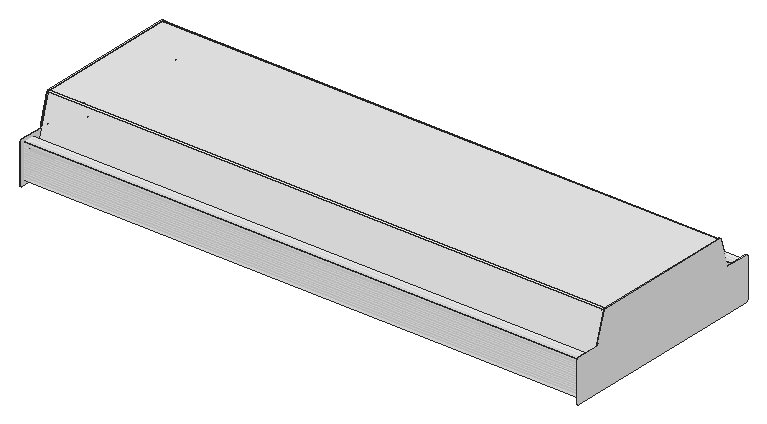
Revit family "LMNE", category Lighting Fixtures, host Ceiling, Revit 2019
Family settings
  Host = Ceiling
  Round Connector Dimension = Use Diameter
  Part Type = Normal
  OmniClass Number = 23.80.70.11.14
  OmniClass Title = General Luminaries, Directional
  Always vertical = Yes
  Cut with Voids When Loaded = No
  Light Source = Yes
  Shared = No
  Room Calculation Point = No
Parameters (values of type "LMNE24-LED840K020LUNV")
  Width = 0' - 9 3/16"
  Wattage = 14 W
  built-in parameter 1150110 = 1 (stored number, unit not read)
  Voltage = 120 V
  URL = "https://www.viscor.com/en/products/lmne"
  built-in parameter 1114217 = 0.9 (stored number, unit not read)
  Tilt Angle = 90.00°
  built-in parameter 1150109 = 1 (stored number, unit not read)
  built-in parameter 1150134 = 12
  built-in parameter 1150113 = 1 (stored number, unit not read)
  Photometric Web File = "LMNE24-LED840K020LUNV.ies"
  Model = "LMNE"  # constant formula
  Manufacturer = "VISIONEERING by VISCOR"  # constant formula
  Lumens = 2002 lm
  built-in parameter 1150115 = 1 (stored number, unit not read)
  built-in parameter 1150105 = 159.31 (stored number, unit not read)
  built-in parameter 1150137 = (empty or 0)
  built-in parameter 1150139 = (empty or 0)
  Lens Finish = Acrylic - Viscor - Frosted Acrylic Prismatic Extruded
  Length = 2' - 0"
  Lamp Wattage = 14 VA
  built-in parameter 1150112 = 1 (stored number, unit not read)
  built-in parameter 1150114 = 1 (stored number, unit not read)
  Lamp = "LED"  # constant formula
  built-in parameter 1150132 = (empty or 0)
  built-in parameter 1150102 = (empty or 0)
  built-in parameter 1150138 = (empty or 0)
  built-in parameter 1150107 = 4000 (stored number, unit not read)
  built-in parameter 1150106 = 1.5931 (stored number, unit not read)
  Housing Finish = Metal - Viscor - White
  Emit from Line Length = Length  # 2' - 0"
  built-in parameter 1150104 = 13.285 (stored number, unit not read)
  Dimming Lamp Color Temperature Shift = <None>
  Description = "LED Magic Neutron"  # constant formula
  Color Filter = 16777215
  built-in parameter 1114218 = 1 (stored number, unit not read)
  built-in parameter 1150133 = 10 (stored number, unit not read)
  Assembly Code = "D5020200"
  Apparent Load = Lamp Wattage  # 14 VA
Types (4): name | Wattage | Photometric Web File | Lumens | built-in parameter 1150105 | Length | Lamp Wattage | built-in parameter 1150106 | Emit from Line Length | built-in parameter 1150104 | Apparent Load
  (no name) | 14 W | "LMNE24-LED840K020LUNV.ies" | 2002 lm | 159.31 (stored number, unit not read) | 2' - 0" | 14 VA | 1.5931 (stored number, unit not read) | 2' - 0" | 13.285 (stored number, unit not read) | 14 VA
  LMNE24-LED840K020LUNV | 14 W | "LMNE24-LED840K020LUNV.ies" | 2002 lm | 159.31 (stored number, unit not read) | 2' - 0" | 14 VA | 1.5931 (stored number, unit not read) | 2' - 0" | 13.285 (stored number, unit not read) | 14 VA
  LMNE48-LED840K040LUNV | 27 W | "LMNE48-LED840K040LUNV-G004424.IES" | 3996 lm | 317.99 (stored number, unit not read) | 4' - 0" | 27 VA | 3.1799 (stored number, unit not read) | 4' - 0" | 13.75 (stored number, unit not read) | 27 VA
  LMNE96-LED840K080LUNV | 58 W | "LMNE96-LED840K080LUNV.ies" | 8004 lm | 636.94 (stored number, unit not read) | 8' - 0" | 58 VA | 6.3694 (stored number, unit not read) | 8' - 0" | 12.821 (stored number, unit not read) | 58 VA
Reference planes (in)
  plane 1 "Light Source Axis (F/B)": y = 0
  plane 2 "Ceiling": z = 96
  plane 3 "Light Source Axis (L/R)": x = 0
  plane 4 "Light Source Elevation": z = 92.75
  plane 5: y = 4.59375
  plane 6: y = -4.59375
  plane 7: x = -12
  plane 8: x = 12
  plane 9: x = -11.96875
  plane 10: x = 11.96875
  plane 11: x = -11.90625
  plane 12: x = 11.90625
Forms (in)
  Extrusion 1, solid, material "Metal - Viscor - White" <- "Housing Finish"
    sketch origin (0, 0, 0) x (0, 1, 0) y (0, 0, 1)
      loop
        arc (-3.06111, 95.875) -> (-3.10275, 95.86127) -> (-3.12805, 95.82547) r 0.07
        line (-3.12805, 95.82547) -> (-3.6395, 94.1526)
        arc (-3.6395, 94.1526) -> (-3.6536, 94.13265) -> (-3.6768, 94.125) r 0.039
        line (-3.6768, 94.125) -> (-4.10757, 94.125)
        arc (-4.10757, 94.125) -> (-4.13077, 94.13265) -> (-4.14486, 94.1526) r 0.039
        line (-4.14486, 94.1526) -> (-4.22035, 94.39952) -> (-4.25024, 94.39038) -> (-4.17475, 94.14346)
        arc (-4.17475, 94.14346) -> (-4.14935, 94.10753) -> (-4.10757, 94.09375) r 0.07025
        line (-4.10757, 94.09375) -> (-3.6768, 94.09375)
        arc (-3.6768, 94.09375) -> (-3.63501, 94.10753) -> (-3.60962, 94.14346) r 0.07025
        line (-3.60962, 94.14346) -> (-3.09817, 95.81633)
        arc (-3.09817, 95.81633) -> (-3.08416, 95.83615) -> (-3.06111, 95.84375) r 0.03875
        line (-3.06111, 95.84375) -> (3.06111, 95.84375)
        arc (3.06111, 95.84375) -> (3.08416, 95.83615) -> (3.09817, 95.81633) r 0.03875
        line (3.09817, 95.81633) -> (3.60962, 94.14346)
        arc (3.60962, 94.14346) -> (3.63501, 94.10753) -> (3.6768, 94.09375) r 0.07025
        line (3.6768, 94.09375) -> (4.10757, 94.09375)
        arc (4.10757, 94.09375) -> (4.14935, 94.10753) -> (4.17475, 94.14346) r 0.07025
        line (4.17475, 94.14346) -> (4.25024, 94.39038) -> (4.22035, 94.39952) -> (4.14486, 94.1526)
        arc (4.14486, 94.1526) -> (4.13077, 94.13265) -> (4.10757, 94.125) r 0.039
        line (4.10757, 94.125) -> (3.6768, 94.125)
        arc (3.6768, 94.125) -> (3.6536, 94.13265) -> (3.6395, 94.1526) r 0.039
        line (3.6395, 94.1526) -> (3.12805, 95.82547)
        arc (3.12805, 95.82547) -> (3.10275, 95.86127) -> (3.06111, 95.875) r 0.07
        line (3.06111, 95.875) -> (-3.06111, 95.875)
    from -11.96875 to 11.96875
  Extrusion 2, solid, material "Metal - Viscor - White" <- "Housing Finish"
    sketch origin (0, 0, 0) x (0, 1, 0) y (0, 0, 1)
      loop
        line (4.59427, 92.92225) -> (4.59427, 94.48475)
        arc (4.59427, 94.48475) -> (4.55766, 94.57314) -> (4.46927, 94.60975) r 0.125
        line (4.46927, 94.60975) -> (3.46478, 94.60975) -> (3.4377, 94.69831)
        arc (3.4377, 94.69831) -> (3.4412, 94.71664) -> (3.45829, 94.72411) r 0.02
        line (3.45829, 94.72411) -> (3.11725, 95.83962)
        arc (3.11725, 95.83962) -> (3.09917, 95.86519) -> (3.06943, 95.875) r 0.05
        line (3.06943, 95.875) -> (-3.06889, 95.875)
        arc (-3.06889, 95.875) -> (-3.09863, 95.86519) -> (-3.1167, 95.83962) r 0.05
        line (-3.1167, 95.83962) -> (-3.45775, 94.72411)
        arc (-3.45775, 94.72411) -> (-3.44065, 94.71664) -> (-3.43716, 94.69831) r 0.02
        line (-3.43716, 94.69831) -> (-3.46423, 94.60975) -> (-4.46873, 94.60975)
        arc (-4.46873, 94.60975) -> (-4.55712, 94.57314) -> (-4.594, 94.48475) r 0.125
        line (-4.594, 94.48475) -> (-4.59373, 92.92225)
        arc (-4.59373, 92.92225) -> (-4.55712, 92.83387) -> (-4.46873, 92.79725) r 0.125
        line (-4.46873, 92.79725) -> (4.46927, 92.79725)
        arc (4.46927, 92.79725) -> (4.55766, 92.83387) -> (4.59427, 92.92225) r 0.125
    from 11.96875 to 12
  Extrusion 3, solid, material "Metal - Viscor - White" <- "Housing Finish"
    sketch origin (0, 0, 0) x (0, 1, 0) y (0, 0, -1)
      loop
        arc (4.59427, -92.92225) -> (4.55766, -92.83387) -> (4.46927, -92.79725) r 0.125
        line (4.46927, -92.79725) -> (-4.46873, -92.79725)
        arc (-4.46873, -92.79725) -> (-4.55712, -92.83387) -> (-4.59373, -92.92225) r 0.125
        line (-4.59373, -92.92225) -> (-4.594, -94.48475)
        arc (-4.594, -94.48475) -> (-4.55712, -94.57314) -> (-4.46873, -94.60975) r 0.125
        line (-4.46873, -94.60975) -> (-3.46423, -94.60975) -> (-3.43716, -94.69831)
        arc (-3.43716, -94.69831) -> (-3.44065, -94.71664) -> (-3.45775, -94.72411) r 0.02
        line (-3.45775, -94.72411) -> (-3.1167, -95.83962)
        arc (-3.1167, -95.83962) -> (-3.09863, -95.86519) -> (-3.06889, -95.875) r 0.05
        line (-3.06889, -95.875) -> (3.06943, -95.875)
        arc (3.06943, -95.875) -> (3.09917, -95.86519) -> (3.11725, -95.83962) r 0.05
        line (3.11725, -95.83962) -> (3.45829, -94.72411)
        arc (3.45829, -94.72411) -> (3.4412, -94.71664) -> (3.4377, -94.69831) r 0.02
        line (3.4377, -94.69831) -> (3.46478, -94.60975) -> (4.46927, -94.60975)
        arc (4.46927, -94.60975) -> (4.55766, -94.57314) -> (4.59427, -94.48475) r 0.125
        line (4.59427, -94.48475) -> (4.59427, -92.92225)
    from 11.96875 to 12
  Extrusion 4, solid, material "Metal - Viscor - White" <- "Housing Finish"
    sketch origin (0, 0, 0) x (0, 1, 0) y (0, 0, 1)
      loop
        line (3.32367, 94.77604) -> (3.09068, 95.53814) -> (3.06079, 95.529) -> (3.29379, 94.76691)
        arc (3.29379, 94.76691) -> (3.28941, 94.7414) -> (3.26629, 94.72975) r 0.02875
        line (3.26629, 94.72975) -> (1.4194, 94.72975)
        arc (1.4194, 94.72975) -> (1.37761, 94.71597) -> (1.35222, 94.68004) r 0.07025
        line (1.35222, 94.68004) -> (1.17262, 94.09259)
        arc (1.17262, 94.09259) -> (1.16222, 94.07789) -> (1.14512, 94.07225) r 0.02875
        line (1.14512, 94.07225) -> (-1.14512, 94.07225)
        arc (-1.14512, 94.07225) -> (-1.16222, 94.07789) -> (-1.17262, 94.09259) r 0.02875
        line (-1.17262, 94.09259) -> (-1.35222, 94.68004)
        arc (-1.35222, 94.68004) -> (-1.37761, 94.71597) -> (-1.4194, 94.72975) r 0.07025
        line (-1.4194, 94.72975) -> (-3.26629, 94.72975)
        arc (-3.26629, 94.72975) -> (-3.28941, 94.7414) -> (-3.29379, 94.76691) r 0.02875
        line (-3.29379, 94.76691) -> (-3.06079, 95.529) -> (-3.09068, 95.53814) -> (-3.32367, 94.77604)
        arc (-3.32367, 94.77604) -> (-3.31453, 94.72281) -> (-3.26629, 94.6985) r 0.06
        line (-3.26629, 94.6985) -> (-1.4194, 94.6985)
        arc (-1.4194, 94.6985) -> (-1.3962, 94.69085) -> (-1.3821, 94.6709) r 0.039
        line (-1.3821, 94.6709) -> (-1.2025, 94.08346)
        arc (-1.2025, 94.08346) -> (-1.18081, 94.05277) -> (-1.14512, 94.041) r 0.06
        line (-1.14512, 94.041) -> (1.14512, 94.041)
        arc (1.14512, 94.041) -> (1.18081, 94.05277) -> (1.2025, 94.08346) r 0.06
        line (1.2025, 94.08346) -> (1.3821, 94.6709)
        arc (1.3821, 94.6709) -> (1.3962, 94.69085) -> (1.4194, 94.6985) r 0.039
        line (1.4194, 94.6985) -> (3.26629, 94.6985)
        arc (3.26629, 94.6985) -> (3.31453, 94.72281) -> (3.32367, 94.77604) r 0.06
    from -11.90625 to 11.90625
  Extrusion 5, solid, material "Acrylic - Viscor - Frosted Acrylic Prismatic Extruded" <- "Lens Finish"
    sketch origin (0, 0, 0) x (0, 1, 0) y (0, 0, 1)
      loop
        line (3.9925, 94.4144) -> (4.3625, 94.4144) -> (4.3625, 94.2894) -> (4.4025, 94.1994) -> (4.3625, 94.1994) -> (4.4025, 94.1094) -> (4.3625, 94.1094) -> (4.4025, 94.0194) -> (4.3625, 94.0194) -> (4.4025, 93.9294) -> (4.3625, 93.9294) -> (4.4025, 93.8394) -> (4.3625, 93.8394) -> (4.4025, 93.7494) -> (4.3625, 93.7494) -> (4.4025, 93.6594) -> (4.3625, 93.6594) -> (4.4025, 93.5694) -> (4.3625, 93.5694) -> (4.4025, 93.4794) -> (4.3625, 93.4794) -> (4.4025, 93.3894) -> (4.3625, 93.3894) -> (4.4025, 93.2994) -> (4.3625, 93.2994) -> (4.4025, 93.2094) -> (4.3625, 93.2094) -> (4.4025, 93.1194) -> (4.3625, 93.1194) -> (4.3625, 93.0794) -> (-4.3625, 93.0794) -> (-4.3625, 93.1194) -> (-4.4025, 93.1194) -> (-4.3625, 93.2094) -> (-4.4025, 93.2094) -> (-4.3625, 93.2994) -> (-4.4025, 93.2994) -> (-4.3625, 93.3894) -> (-4.4025, 93.3894) -> (-4.3625, 93.4794) -> (-4.4025, 93.4794) -> (-4.3625, 93.5694) -> (-4.4025, 93.5694) -> (-4.3625, 93.6594) -> (-4.4025, 93.6594) -> (-4.3625, 93.7494) -> (-4.4025, 93.7494) -> (-4.3625, 93.8394) -> (-4.4025, 93.8394) -> (-4.3625, 93.9294) -> (-4.4025, 93.9294) -> (-4.3625, 94.0194) -> (-4.4025, 94.0194) -> (-4.3625, 94.1094) -> (-4.4025, 94.1094) -> (-4.3625, 94.1994) -> (-4.4025, 94.1994) -> (-4.3625, 94.2894) -> (-4.3625, 94.4144) -> (-3.9925, 94.4144) -> (-3.9925, 94.2394) -> (-3.9375, 94.2394) -> (-3.9375, 94.4894) -> (-4.4375, 94.4894) -> (-4.4375, 92.9894) -> (4.4375, 92.9894) -> (4.4375, 94.4894) -> (3.9375, 94.4894) -> (3.9375, 94.2394) -> (3.9925, 94.2394) -> (3.9925, 94.4144)
    from -11.96875 to 11.96875
Dimensions and locks (in)
  equal spacing: host sketch curve, plane 3 "Light Source Axis (L/R)", host sketch curve
  equal spacing: host sketch curve, plane 1 "Light Source Axis (F/B)", host sketch curve
  host sketch curve to host sketch curve = 10' - 0"  (x2)
  equal spacing: plane 5, plane 1 "Light Source Axis (F/B)", plane 6
  "Width": plane 5 to plane 6
  equal spacing: plane 7, plane 3 "Light Source Axis (L/R)", plane 8
  "Length": plane 7 to plane 8
  plane 7 to plane 9 to plane 3 "Light Source Axis (L/R)" = 0' - 0 1/32" locked, 0' - 11 31/32"
  locked: plane 10 to plane 8 at 0.03125
  locked: plane 7 to plane 11 at 0.09375
  locked: plane 12 to plane 8 at 0.09375
  aligned and locked: plane 3 "Light Source Axis (L/R)" to imposter light
  aligned and locked: plane 1 "Light Source Axis (F/B)" to imposter light
  aligned and locked: plane 4 "Light Source Elevation" to imposter light
  aligned and locked: Extrusion 1 to plane 9
  aligned and locked: plane 10 to Extrusion 1
  aligned and locked: plane 8 to Extrusion 2
  aligned and locked: Extrusion 2 to plane 10
  aligned and locked: Extrusion 3 to plane 7
  aligned and locked: plane 9 to Extrusion 3
  aligned and locked: Extrusion 4 to plane 11
  aligned and locked: plane 12 to Extrusion 4
  aligned and locked: Extrusion 5 to plane 9
  aligned and locked: plane 10 to Extrusion 5
Automatic sketch dimensions
  Extrusion 1 sketch curve to Extrusion 1 sketch curve = 0' - 0"  (x12)
  plane 6 to Extrusion 1 sketch curve = 0' - 0.34351"
  Extrusion 1 sketch curve to Extrusion 1 sketch curve = 0' - 0.02988"  (x7)
  Extrusion 1 sketch curve to Extrusion 1 sketch curve = 0' - 0.07549"  (x2)
  Extrusion 1 sketch curve to Extrusion 1 sketch curve = 0' - 0.0373"  (x4)
  Extrusion 1 sketch curve to Extrusion 1 sketch curve = 0' - 0.43077"  (x2)
  Extrusion 1 sketch curve to plane 2 "Ceiling" = 0' - 0.17453"  (x2)
  plane 6 to Extrusion 1 sketch curve = 0' - 1.4657"
  Extrusion 1 sketch curve to plane 2 "Ceiling" = 0' - 0.18367"  (x2)
  Extrusion 1 sketch curve to Extrusion 1 sketch curve = 0' - 0.03706"  (x2)
  Extrusion 1 sketch curve to plane 2 "Ceiling" = 0' - 0.195"
  Extrusion 1 sketch curve to plane 5 = 0' - 1.53264"
  Extrusion 1 sketch curve to plane 5 = 0' - 0.98413"
  Extrusion 1 sketch curve to plane 2 "Ceiling" = 0' - 1.60048"  (x2)
  Extrusion 1 sketch curve to Extrusion 1 sketch curve = 0' - 0.00914"  (x2)
  Extrusion 1 sketch curve to Extrusion 1 sketch curve = 0' - 0.0114"  (x3)
  Extrusion 1 sketch curve to Extrusion 1 sketch curve = 0' - 0.039"
  plane 6 to Extrusion 2 sketch curve = 0' - 0.12502"  (x2)
  Extrusion 2 sketch curve to Extrusion 2 sketch curve = 0' - 1.0045"
  Extrusion 2 sketch curve to Extrusion 2 sketch curve = 0' - 0.00648"
  Extrusion 2 sketch curve to Extrusion 2 sketch curve = 0' - 0.00146"  (x2)
  Extrusion 2 sketch curve to Extrusion 2 sketch curve = 0' - 0.01913"  (x2)
  Extrusion 2 sketch curve to plane 2 "Ceiling" = 0' - 0.16038"  (x2)
  Extrusion 2 sketch curve to Extrusion 2 sketch curve = 0' - 0.34105"
  Extrusion 2 sketch curve to Extrusion 2 sketch curve = 0' - 0.04782"  (x2)
  Extrusion 2 sketch curve to plane 2 "Ceiling" = 0' - 0 1/8"
  Extrusion 2 sketch curve to plane 5 = 0' - 1.52432"
  Extrusion 2 sketch curve to plane 5 = 0' - 1.15605"
  Extrusion 2 sketch curve to Extrusion 2 sketch curve = 0' - 0.02708"
  Extrusion 2 sketch curve to plane 5 = 0' - 0.12448"  (x2)
  Extrusion 2 sketch curve to plane 4 "Light Source Elevation" = 0' - 0.04725"
  plane 5 to Extrusion 2 sketch curve = 0' - 0.00052"
  Extrusion 2 sketch curve to Extrusion 2 sketch curve = 0' - 0 1/8"  (x2)
  Extrusion 2 sketch curve to plane 2 "Ceiling" = 0' - 1.51525"  (x2)
  Extrusion 2 sketch curve to Extrusion 2 sketch curve = 0' - 0.08856"  (x2)
  Extrusion 2 sketch curve to Extrusion 2 sketch curve = 0' - 0.00585"  (x2)
  Extrusion 2 sketch curve to plane 6 = 0' - 0.00025"
  Extrusion 2 sketch curve to Extrusion 2 sketch curve = 0' - 0"  (x2)
  plane 6 to Extrusion 3 sketch curve = 0' - 0.12502"  (x2)
  Extrusion 3 sketch curve to Extrusion 3 sketch curve = 0' - 1.0045"
  Extrusion 3 sketch curve to Extrusion 3 sketch curve = 0' - 0.00648"
  Extrusion 3 sketch curve to Extrusion 3 sketch curve = 0' - 0.00146"  (x2)
  Extrusion 3 sketch curve to Extrusion 3 sketch curve = 0' - 0.01913"  (x2)
  Extrusion 3 sketch curve to plane 2 "Ceiling" = 0' - 0.16038"  (x2)
  Extrusion 3 sketch curve to Extrusion 3 sketch curve = 0' - 0.34105"
  Extrusion 3 sketch curve to Extrusion 3 sketch curve = 0' - 0.04782"  (x2)
  Extrusion 3 sketch curve to plane 2 "Ceiling" = 0' - 0 1/8"
  Extrusion 3 sketch curve to plane 5 = 0' - 1.52432"
  Extrusion 3 sketch curve to plane 5 = 0' - 1.15605"
  Extrusion 3 sketch curve to Extrusion 3 sketch curve = 0' - 0.02708"
  Extrusion 3 sketch curve to plane 5 = 0' - 0.12448"  (x2)
  Extrusion 3 sketch curve to plane 4 "Light Source Elevation" = 0' - 0.04725"
  plane 5 to Extrusion 3 sketch curve = 0' - 0.00052"
  Extrusion 3 sketch curve to Extrusion 3 sketch curve = 0' - 1.11551"  (x2)
  Extrusion 3 sketch curve to Extrusion 3 sketch curve = 0' - 0.01995"  (x2)
  Extrusion 3 sketch curve to Extrusion 3 sketch curve = 0' - 0.08856"  (x2)
  Extrusion 3 sketch curve to Extrusion 3 sketch curve = 0' - 0 1/8"  (x2)
  Extrusion 3 sketch curve to plane 6 = 0' - 0.00025"
  Extrusion 3 sketch curve to Extrusion 3 sketch curve = 0' - 0"  (x2)
  Extrusion 4 sketch curve to Extrusion 4 sketch curve = 0' - 0"  (x12)
  plane 6 to Extrusion 4 sketch curve = 0' - 1.27008"
  Extrusion 4 sketch curve to Extrusion 4 sketch curve = 0' - 0.02988"  (x7)
  Extrusion 4 sketch curve to Extrusion 4 sketch curve = 0' - 0.02749"  (x3)
  plane 1 "Light Source Axis (F/B)" to Extrusion 4 sketch curve = 0' - 1.4194"
  Extrusion 4 sketch curve to Extrusion 4 sketch curve = 0' - 0.0373"  (x2)
  Extrusion 4 sketch curve to Extrusion 4 sketch curve = 0' - 0.1796"  (x2)
  Extrusion 4 sketch curve to plane 1 "Light Source Axis (F/B)" = 0' - 1.14512"
  Extrusion 4 sketch curve to plane 2 "Ceiling" = 0' - 0.471"
  Extrusion 4 sketch curve to plane 5 = 0' - 1.53296"
  Extrusion 4 sketch curve to plane 2 "Ceiling" = 0' - 0.46186"  (x2)
  Extrusion 4 sketch curve to Extrusion 4 sketch curve = 0' - 0.2055"
  Extrusion 4 sketch curve to plane 2 "Ceiling" = 0' - 1.23309"
  Extrusion 4 sketch curve to plane 2 "Ceiling" = 0' - 1.22396"
  Extrusion 4 sketch curve to Extrusion 4 sketch curve = 0' - 0.00841"  (x2)
  Extrusion 4 sketch curve to Extrusion 4 sketch curve = 0' - 0.02875"
  Extrusion 4 sketch curve to Extrusion 4 sketch curve = 0' - 0 1/32"
  Extrusion 4 sketch curve to Extrusion 4 sketch curve = 0' - 0.01846"  (x2)
  Extrusion 4 sketch curve to Extrusion 4 sketch curve = 0' - 0.57904"  (x2)
  Extrusion 4 sketch curve to Extrusion 4 sketch curve = 0' - 0.00914"
  Extrusion 4 sketch curve to Extrusion 4 sketch curve = 0' - 0.233"
  Extrusion 5 sketch curve to plane 5 = 0' - 0.60125"
  Extrusion 5 sketch curve to plane 4 "Light Source Elevation" = 0' - 1.4894"
  Extrusion 5 sketch curve to Extrusion 5 sketch curve = 0' - 0.055"  (x2)
  Extrusion 5 sketch curve to Extrusion 5 sketch curve = 0' - 0.175"
  Extrusion 5 sketch curve to Extrusion 5 sketch curve = 0' - 0.075"  (x5)
  Extrusion 5 sketch curve to plane 5 = 0' - 0 5/32"
  Extrusion 5 sketch curve to Extrusion 5 sketch curve = 0' - 0 1/8"  (x2)
  Extrusion 5 sketch curve to plane 4 "Light Source Elevation" = 0' - 0.2394"
  plane 6 to Extrusion 5 sketch curve = 0' - 0 5/32"
  Extrusion 5 sketch curve to Extrusion 5 sketch curve = 0' - 1 1/2"
  Extrusion 5 sketch curve to Extrusion 5 sketch curve = 0' - 0 1/2"
  Extrusion 5 sketch curve to Extrusion 5 sketch curve = 0' - 0 1/4"
  Extrusion 5 sketch curve to Extrusion 5 sketch curve = 0' - 0.04"  (x29)
  Extrusion 5 sketch curve to Extrusion 5 sketch curve = 0' - 0.09"  (x25)
  Extrusion 5 sketch curve to Extrusion 5 sketch curve = 0' - 0"  (x24)
Connectors (in)
  electrical at (0, 0, 92.75), driven by "Voltage", driven by "Apparent Load"
    settings: index 1, voltage 120 V, apparent load 0 VA, apparent load phase1 14 VA, apparent load phase2 0 VA, apparent load phase3 0 VA, power factor 1, load classification "Other", number of poles 1, system type 31, power factor state 1, is connector primary yes, connector utility no, sub classification motor no, connector description ""
